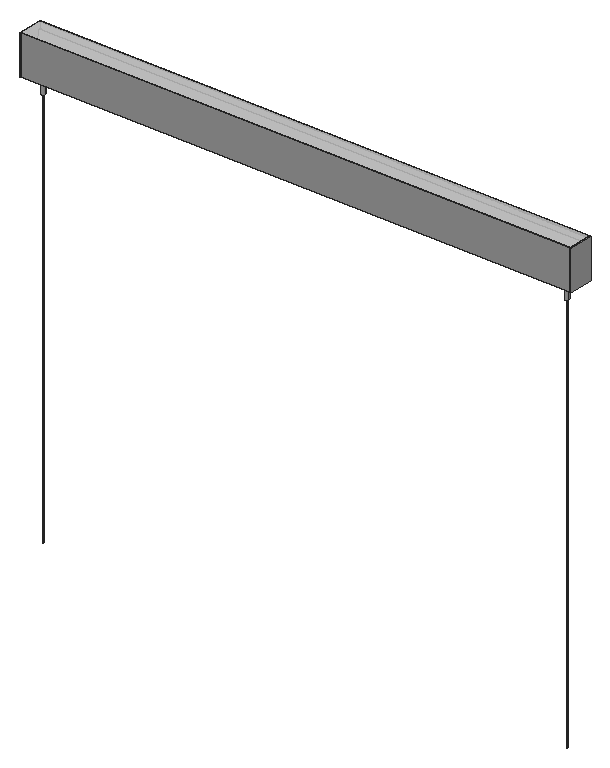
Revit family "2093139 Sylvania Lighting Fixture MC2-KIT 1-2M 4K DALI WHT OPAL", category Lighting Fixtures, host Face, Revit 2016
Family settings
  Host = Face
  Part Type = Normal
  Round Connector Dimension = Use Diameter
  OmniClass Number = 23.80.70.11.17
  OmniClass Title = Specialized Lighting by Location or Use
  Cut with Voids When Loaded = No
  Light Source = Yes
  Shared = No
  Room Calculation Point = No
Parameters (values of type "2093139 MC2-KIT 1.2M 4K DALI WHT OPAL")
  Width_SYL = 54.0 mm
  Weight = "3.4 kg"
  Wattage = 20.97 W
  WarrantyStartDate [instance] = "n/a"
  WarrantyGuarantorParts = "n/a"
  WarrantyDurationUnit = "n/a"
  WarrantyDurationParts = "n/a"
  WarrantyDescription = "n/a"
  built-in parameter 1150110 = 1 (stored number, unit not read)
  Voltage = 0 V
  URL = "http://www.sylvania-lighting.com"
  TypeName = "MC2-KIT 1.2M 4K DALI WHT OPAL"
  built-in parameter 1114217 = 1 (stored number, unit not read)
  Tilt Angle = -90.00°
  built-in parameter 1150109 = 1 (stored number, unit not read)
  built-in parameter 1150134 = 12
  built-in parameter 1150113 = 1 (stored number, unit not read)
  SerialNumber [instance] = "n/a"
  PowerFactor = 0.98
  PowerConsumption = "20.97 W"
  NominalWidth = 0.0 mm
  NominalLength = 1200.0 mm
  NominalHeight = 86.0 mm
  Name = "MC2-KIT 1.2M 4K DALI WHT OPAL"
  ModelReference = "MC2-KIT 1.2M 4K DALI WHT OPAL"
  ModelNumber = "2093139"
  Material_3_SYL = Metal_Sylvania_Mini Contiuum II_Silver
  Photometric Web File = "2093139.ies"
  Material_4_SYL = Metal_Sylvania_Mini Contiuum II_Silver
  MountingHeight_SYL [instance] = 1000.0 mm
  Material = "aluminium housing, polycarbonate diffuser"
  ManufacturerName = "Feilo Sylvania"
  LuminousEfficacy = "112 lm/W"
  LuminaireType = ""
  LightOutputRatio = "100"
  Length_SYL = 1200.0 mm
  LampsType = Lamp  # "LED"
  LampNominalLuminous = "2340 lm"
  LampMacAdamStep = "3"
  LampColourTemperature = "4000 K"
  LampColourRenderingIndex = "80"
  Keynote = "16500"
  InstallationDate [instance] = "n/a"
  InputVoltage = "n/a"
  InputNominalFrequency = "n/a"
  IngressProtection = "IP20"
  ImpactProtectionIndex = "n/a"
  IfcExportType = "IfcLightFixtureType"
  IfcExportAs = "IfcLightFixtureType"
  Height_SYL = 86.0 mm
  ExpectedLife = 50000
  Emit from Rectangle Width = Width_SYL - 2.0 mm  # 52.0 mm
  Emit from Rectangle Length = Length_SYL  # 1200.0 mm
  Emit Shape Visible in Rendering = no
  ElectricShockClassification = "Class I"
  DurationUnit = "hours"
  DocumentationLiterature = "http://www.sylvania-lighting.com/product/en-int/products/2093139"
  DimmingControlOptions = "n/a"
  CreatedOn = "10/15/2018"
  CreatedBy = "@sylvania-lighting.com"
  built-in parameter 1114216 [instance] = 1 (stored number, unit not read)
  Model = "MC2-KIT 1.2M 4K DALI WHT OPAL"
  Manufacturer = "Feilo Sylvania"
  built-in parameter 1150105 = 186.9 (stored number, unit not read)
  Lumens = 2348.64 lm
  built-in parameter 1150115 = 1 (stored number, unit not read)
  built-in parameter 1150137 = (empty or 0)
  built-in parameter 1150139 = (empty or 0)
  built-in parameter 1150112 = 1 (stored number, unit not read)
  built-in parameter 1150114 = 1 (stored number, unit not read)
  Lamp = "LED"
  built-in parameter 1150132 = 2
  built-in parameter 1150102 = (empty or 0)
  built-in parameter 1150107 = 4000 (stored number, unit not read)
  built-in parameter 1150138 = (empty or 0)
  built-in parameter 1150106 = 1.869 (stored number, unit not read)
  Material_1_SYL = Metal_Sylvania_Mini Continuum II_White
  built-in parameter 1150104 = 10.405 (stored number, unit not read)
  Dimming Lamp Color Temperature Shift = <None>
  Material_2_SYL = Polycarbonate_Sylvania_Mini Continuum II_Opal_4000K
  Description = "2093139   MC2-KIT 1.2M 4K DALI WHT OPAL  Continuous lines of LED light, white RAL 9016, direct distribution, suspended kit version is pre-wired and supplied complete with end caps and suspension cables, compact and minimalist design based on the Golden Mean, ideal for offices, meeting rooms, corridors, education facilities, museums and libraries, extruded aluminium body, diffuser: opal, colour temperature: 4000K neutral white, total system power: 21W, total fixture output: 2207lm, luminaire efficacy: 105lm/W, LOR: 100%, colour rendering: Ra >80, LED Chromacity: 1 step MacAdam ellipse, lifetime: 60,000 hours at 90% of the original output (L90), energy class: A++, A+, A, IR/UV free light source without heat radiation, operating voltage: 220-240V / 50-60Hz, drive current: 800mA, electronic driver, DALI dimmable, electrical protection: CLASS I, IP20, suitable for internal environment only."
  Default Elevation = 0.0 mm
  Color Filter = 16777215
  built-in parameter 1140040 [instance] = 1
  BarCode [instance] = "n/a"
  built-in parameter 1114218 = 1 (stored number, unit not read)
  built-in parameter 1150133 = 10 (stored number, unit not read)
  AssetType = "Fixed"
  AssetIdentifier [instance] = "n/a"
  Assembly Code = "D5020200"
  Apparent Load = 20.97 VA
Reference planes
  plane 1 "Center (Front/Back)": y = 0
  plane 2 "Bottom Fixtures": z = 0
  plane 3 "Center (Left/Right)": x = 0
  plane 4 "Fixture Left": x = -600
  plane 5 "Fixture Right": x = 600
  plane 6 "Fixture Bottom": z = 1000
  plane 7: z = 998
  plane 8: z = 996
  plane 9: z = 986.951
  plane 10: z = 956.951
  plane 11 "Fixture Top": z = 914
  plane 12 "Mounting Right": x = 572
  plane 13 "Mounting Left": x = -572
  plane 14: z = 879
  plane 15: y = 27
  plane 16: y = -27
  plane 17: y = -26
  plane 18: y = -25
  plane 19: y = 26
  plane 20: y = 25
  plane 21: y = 11
  plane 22: y = -11
  plane 23: y = 24
  plane 24: y = 22
  plane 25: y = -22
  plane 26: y = 15
  plane 27: y = -15
  plane 28 "Upper Diffuser Left": x = -450
  plane 29 "Upper Diffuser Right": x = 450
  plane 30: x = -602
  plane 31: x = 602
Forms (mm)
  Extrusion 1, solid, material "Metal_Sylvania_Mini Continuum II_White" <- "Material_1_SYL", detail levels fine
    sketch origin (0, 0, 520) x (0, 1, 0) y (0, 0, 1)
      loop
        line (27, 480) -> (26, 480) -> (26, 478) -> (25, 478) -> (25, 396) -> (13, 396) -> (13, 398) -> (-13, 398) -> (-13, 396) -> (-25, 396) -> (-25, 478) -> (-26, 478) -> (-26, 480) -> (-27, 480) -> (-27, 394) -> (-11, 394) -> (-11, 396) -> (11, 396) -> (11, 394) -> (27, 394) -> (27, 480)
    from -600 to 600
  Extrusion 2, solid, material "Polycarbonate_Sylvania_Mini Continuum II_Opal_4000K" <- "Material_2_SYL", detail levels fine
    sketch origin (0, 0, 520) x (0, 1, 0) y (0, 0, 1)
      loop
        line (-26, 480) -> (-26, 478) -> (26, 478) -> (26, 480) -> (-26, 480)
    from -600 to 600
  Extrusion 3, solid, material "Metal_Sylvania_Mini Contiuum II_Silver" <- "Material_3_SYL", detail levels fine
    sketch origin (0, 0, 520) x (0, 1, 0) y (0, 0, 1)
      loop
        line (22, 466.951) -> (20.973, 466.951) -> (14.206, 437.951) -> (11, 437.951) -> (11, 436.951) -> (15, 436.951) -> (22, 466.951)
      loop
        line (-15, 436.951) -> (-11, 436.951) -> (-11, 437.951) -> (-14.206, 437.951) -> (-20.973, 466.951) -> (-22, 466.951) -> (-15, 436.951)
    from -600 to 600
  Extrusion 4, solid, material "Metal_Sylvania_Mini Continuum II_White" <- "Material_1_SYL", detail levels coarse+medium
    sketch origin (0, 0, 520) x (0, 1, 0) y (0, 0, 1)
      loop
        line (-27, 480) -> (-27, 394) -> (27, 394) -> (27, 480) -> (-27, 480)
    from -600 to 600
  Extrusion 5, solid, material "Metal_Sylvania_Mini Contiuum II_Silver" <- "Material_4_SYL", detail levels fine
    sketch origin (0, 0, -86) x (-1, 0, 0) y (0, -1, 0)
      loop
        circle (572, 0) r 4
      loop
        circle (-572, 0) r 4
    from 965 to 1002
  Extrusion 6, solid, material "Metal_Sylvania_Mini Contiuum II_Silver" <- "Material_4_SYL", detail levels fine
    sketch origin (0, 0, -86) x (-1, 0, 0) y (0, -1, 0)
      loop
        circle (-572, 0) r 1
      loop
        circle (572, 0) r 1
    from 86 to 965
  Extrusion 7, solid, material "Metal_Sylvania_Mini Continuum II_White" <- "Material_1_SYL"
    sketch origin (-600, 171.684, 1219.2) x (0, 1, 0) y (0, 0, 1)
      loop
        line (-198.684, -305.2) -> (-144.684, -305.2) -> (-144.684, -219.2) -> (-198.684, -219.2) -> (-198.684, -305.2)
    from 0 to -2
  Extrusion 8, solid, material "Metal_Sylvania_Mini Continuum II_White" <- "Material_1_SYL"
    sketch origin (600, 171.684, 1219.2) x (0, 1, 0) y (0, 0, -1)
      loop
        line (-144.684, 219.2) -> (-144.684, 305.2) -> (-198.684, 305.2) -> (-198.684, 219.2) -> (-144.684, 219.2)
    from 0 to -2
Lines and regions (mm)
  Masking region 1
    outline origin (0, 0, -86) x (-1, 0, 0) y (0, -1, 0)
      loop
        line (600, -27) -> (600, 27) -> (-600, 27) -> (-600, -27) -> (600, -27)
  symbolic lines, detail levels fine
    curve 1: line (-600, 26, -86) -> (600, 26, -86)
    curve 2: line (-600, -26, -86) -> (600, -26, -86)
  model lines, detail levels coarse+medium
    curve 3: line (-572, 0, 914) -> (-572, 0, 0)
    curve 4: line (572, 0, 914) -> (572, 0, 0)
Dimensions and locks
  host sketch curve to plane 3 "Center (Left/Right)" to host sketch curve = 820.0 mm, 775.047 mm
  equal spacing: plane 4 "Fixture Left", plane 3 "Center (Left/Right)", plane 5 "Fixture Right"
  "Length_SYL": plane 4 "Fixture Left" to plane 5 "Fixture Right"
  plane 6 "Fixture Bottom" to plane 7 to plane 8 to plane 9 to plane 10 = 2.0 mm locked, 2.0 mm locked, 9.049 mm locked, 30.0 mm locked
  locked: Extrusion 1 sketch curve to Extrusion 1 sketch curve at 2
  locked: Extrusion 1 sketch curve to plane 11 "Fixture Top" at 2
  "Height_SYL": plane 6 "Fixture Bottom" to plane 11 "Fixture Top"
  locked: plane 12 "Mounting Right" to plane 5 "Fixture Right" at 28
  locked: plane 4 "Fixture Left" to plane 13 "Mounting Left" at 28
  locked: plane 11 "Fixture Top" to plane 14 at 35
  "MountingHeight_SYL": plane 6 "Fixture Bottom" to plane 2 "Bottom Fixtures"
  equal spacing: plane 15, plane 1 "Center (Front/Back)", plane 16
  "Width_SYL": plane 15 to plane 16
  plane 22 to plane 27 to plane 25 to plane 18 to plane 17 to plane 16 = 4.0 mm locked, 7.0 mm locked, 3.0 mm locked, 1.0 mm locked, 1.0 mm locked
  plane 15 to plane 19 to plane 20 to plane 23 to plane 24 to plane 26 to plane 21 = 1.0 mm locked, 1.0 mm locked, 1.0 mm locked, 2.0 mm locked, 7.0 mm locked, 4.0 mm locked
  locked: plane 4 "Fixture Left" to plane 28 "Upper Diffuser Left" at 150
  locked: plane 29 "Upper Diffuser Right" to plane 5 "Fixture Right" at 150
  equal spacing: plane 30, plane 3 "Center (Left/Right)", plane 31
  locked: plane 30 to plane 4 "Fixture Left" at 2
  aligned and locked: plane 2 "Bottom Fixtures" to host face
  aligned and locked: level to host face
  aligned and locked: plane 5 "Fixture Right" to curve 1
  aligned and locked: plane 4 "Fixture Left" to curve 1
  aligned and locked: plane 4 "Fixture Left" to curve 2
  aligned and locked: plane 5 "Fixture Right" to curve 2
  aligned and locked: Extrusion 1 sketch curve to plane 7
  aligned and locked: plane 6 "Fixture Bottom" to Extrusion 1 sketch curve  (x2)
  aligned and locked: plane 7 to Extrusion 1 sketch curve
  aligned and locked: Extrusion 1 to Extrusion 2 sketch curve
  aligned and locked: Extrusion 2 sketch curve to Extrusion 1  (x3)
  aligned and locked: Extrusion 3 sketch curve to plane 10
  aligned and locked: plane 9 to Extrusion 3 sketch curve
  aligned and locked: Extrusion 3 sketch curve to plane 9
  aligned and locked: Extrusion 4 sketch curve to plane 6 "Fixture Bottom"
  aligned and locked: Extrusion 4 to plane 4 "Fixture Left"
  aligned and locked: Extrusion 2 to plane 4 "Fixture Left"
  aligned and locked: Extrusion 3 to plane 4 "Fixture Left"
  aligned and locked: Extrusion 1 to plane 4 "Fixture Left"
  aligned and locked: Extrusion 4 to plane 5 "Fixture Right"
  aligned and locked: Extrusion 2 to plane 5 "Fixture Right"
  aligned and locked: Extrusion 3 to plane 5 "Fixture Right"
  aligned and locked: Extrusion 1 to plane 5 "Fixture Right"
  aligned and locked: plane 11 "Fixture Top" to Extrusion 4 sketch curve
  aligned and locked: Extrusion 1 sketch curve to plane 11 "Fixture Top"  (x2)
  aligned and locked: Extrusion 1 sketch curve to Extrusion 1 sketch curve
  aligned and locked: plane 6 "Fixture Bottom" to imposter light
  aligned and locked: plane 11 "Fixture Top" to curve 3
  aligned and locked: plane 2 "Bottom Fixtures" to curve 3
  aligned and locked: plane 11 "Fixture Top" to curve 4
  aligned and locked: plane 2 "Bottom Fixtures" to curve 4
  aligned and locked: curve 4 to plane 12 "Mounting Right"
  aligned and locked: curve 3 to plane 13 "Mounting Left"
  aligned and locked: Extrusion 5 to Extrusion 1
  aligned and locked: Extrusion 5 to plane 14
  aligned and locked: plane 14 to Extrusion 6
  aligned and locked: Extrusion 6 to level
  aligned and locked: plane 21 to Extrusion 3 sketch curve
  aligned and locked: Extrusion 3 sketch curve to plane 22
  aligned and locked: Extrusion 7 sketch curve to Extrusion 4  (x4)
  aligned and locked: Extrusion 7 to plane 30
  aligned and locked: plane 4 "Fixture Left" to Extrusion 7
  aligned and locked: Extrusion 8 sketch curve to Extrusion 4  (x4)
  aligned and locked: plane 31 to Extrusion 8
  aligned and locked: plane 5 "Fixture Right" to Extrusion 8
Automatic sketch dimensions
  host sketch curve to host sketch curve = 1047.463 mm
  plane 19 to curve 1 = 0.0 mm
  curve 2 to plane 17 = 0.0 mm
  Masking region 1 sketch curve to plane 5 "Fixture Right" = 0.0 mm
  Masking region 1 sketch curve to plane 4 "Fixture Left" = 0.0 mm
  plane 15 to Masking region 1 sketch curve = 0.0 mm
  Masking region 1 sketch curve to plane 16 = 0.0 mm
  Extrusion 1 sketch curve to plane 16 = 0.0 mm
  Extrusion 1 sketch curve to plane 17 = 0.0 mm
  Extrusion 1 sketch curve to plane 18 = 0.0 mm
  Extrusion 1 sketch curve to plane 22 = 0.0 mm
  Extrusion 1 sketch curve to plane 21 = 0.0 mm
  Extrusion 1 sketch curve to plane 20 = 0.0 mm
  Extrusion 1 sketch curve to plane 19 = 0.0 mm
  Extrusion 1 sketch curve to plane 15 = 0.0 mm
  plane 11 "Fixture Top" to Extrusion 1 sketch curve = 2.0 mm
  Extrusion 1 sketch curve to plane 22 = 2.0 mm
  Extrusion 1 sketch curve to plane 21 = 2.0 mm
  Extrusion 3 sketch curve to plane 25 = 0.0 mm
  Extrusion 3 sketch curve to plane 27 = 0.0 mm
  Extrusion 3 sketch curve to plane 26 = 0.0 mm
  Extrusion 3 sketch curve to plane 24 = 0.0 mm
  plane 10 to Extrusion 3 sketch curve = 1.0 mm
  Extrusion 3 sketch curve to Extrusion 3 sketch curve = 1.027 mm
  plane 27 to Extrusion 3 sketch curve = 0.794 mm
  plane 26 to Extrusion 3 sketch curve = 0.794 mm
  plane 24 to Extrusion 3 sketch curve = 1.027 mm
  Extrusion 4 sketch curve to plane 16 = 0.0 mm
  Extrusion 4 sketch curve to plane 15 = 0.0 mm
  plane 1 "Center (Front/Back)" to Extrusion 5 sketch curve = 0.0 mm  (x2)
  Extrusion 5 sketch curve to plane 12 "Mounting Right" = 0.0 mm
  Extrusion 5 sketch curve to plane 13 "Mounting Left" = 0.0 mm
  plane 1 "Center (Front/Back)" to Extrusion 6 sketch curve = 0.0 mm  (x2)
  Extrusion 6 sketch curve to plane 12 "Mounting Right" = 0.0 mm
  Extrusion 6 sketch curve to plane 13 "Mounting Left" = 0.0 mm
  Extrusion 3 sketch curve to Extrusion 3 sketch curve = 0.0 mm
  Extrusion 3 sketch curve to plane 10 = 0.0 mm
  radius of Extrusion 5 sketch curve = 4.0 mm  (x2)
  radius of Extrusion 6 sketch curve = 1.0 mm  (x2)
Connectors
  electrical at (600, 0, 949), driven by "Apparent Load"
    settings: on Extrusion 1, index 1, voltage 230 V, apparent load 0 VA, apparent load phase1 20.97 VA, apparent load phase2 0 VA, apparent load phase3 0 VA, power factor 1, load classification "Lighting", number of poles 1, system type 31, power factor state 1, is connector primary yes, connector utility no, sub classification motor no, connector description ""
